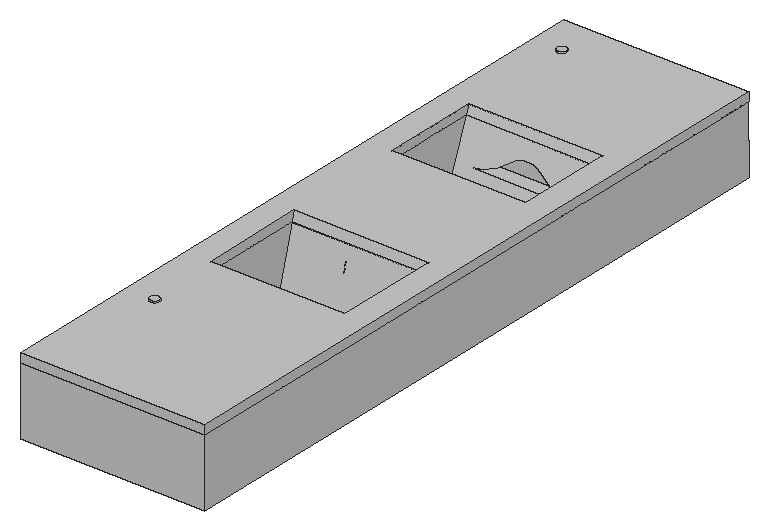
Revit family "rba-bim-B380339", category Plumbing Fixtures, Revit 2018
Family settings
  Round Connector Dimension = Use Diameter
  Part Type = Normal
  Work Plane-Based = No
  Always vertical = Yes
  Cut with Voids When Loaded = No
  Shared = Yes
  Room Calculation Point = No
Parameters (values of type "B380339")
  Watermarked By = "www.rba.com.au"
  Waste Connection = yes
  Vent Connection = yes
  URL = ""
  Phone Number = ""
  Modified Issue = "20200825.01"
  Model = "B380339"
  Materials and Finishes = Stainless Steel AISI 304, Satin Finish
  Manufacturer Model = ""
  Manufacturer = "Bobrick Washroom Equipment"
  HW Connection = yes
  Description = "Surface Mounted 3-in-1 Towel, Waste & Dryer"
  Copyright by = "RBA Group"  # constant formula
  CW Connection = yes
Reference planes
  plane 1 "Center (Front/Back)": y = 0
  plane 2: z = 0
  plane 3 "Center (Left/Right)": x = 0
Forms (mm)
  Extrusion 1, solid, material "Stainless Steel AISI 304, Satin Finish"
    sketch origin (0, 974.816, 3.756) x (1, 0, 0) y (0, 1, 0)
      loop
        line (-192.5, 440.184) -> (-192.5, -974.816) -> (192.5, -974.816) -> (192.5, 440.184) -> (-192.5, 440.184)
    from -3.756 to -145.256
  Extrusion 2, solid, material "Stainless Steel AISI 304, Satin Finish"
    sketch origin (0, 974.816, 3.756) x (1, 0, 0) y (0, 1, 0)
      loop
        line (-192.5, 440.184) -> (-192.5, -974.816) -> (192.5, -974.816) -> (192.5, 440.184) -> (-192.5, 440.184)
    from -3.756 to 14.744
  Extrusion 3, void
    sketch origin (0, 974.816, 3.756) x (0, 1, 0) y (0, 0, 1)
      loop
        line (-545.606, 14.744) -> (-545.606, 0) -> (-590.056, 0) -> (-590.056, -139.854) -> (-439.407, -139.854) -> (-490.207, -30.913) -> (-488.456, -30.913) -> (-437.656, -139.854) -> (-372.463, -139.854) -> (-327.251, 14.744) -> (-545.606, 14.744)
      loop
        line (-73.513, 14.744) -> (-73.513, -139.854) -> (97.937, -139.854) -> (97.937, -110.637) -> (79.469, -103.244) -> (126.697, 14.744) -> (-73.513, 14.744)
    from 139.7 to -139.7
  Extrusion 4, void
    sketch origin (110.104, 645.11, 1200.731) x (1, 0, 0) y (0, 0, 1)
      loop
        line (-131.025, -1230.907) -> (-131.025, -1232.653) -> (-89.183, -1232.653) -> (-89.183, -1230.907) -> (-131.025, -1230.907)
      loop
        line (-131.025, -1236.061) -> (-131.025, -1237.807) -> (-89.183, -1237.807) -> (-89.183, -1236.061) -> (-131.025, -1236.061)
      loop
        line (-131.025, -1241.68) -> (-131.025, -1243.426) -> (-89.183, -1243.426) -> (-89.183, -1241.68) -> (-131.025, -1241.68)
      loop
        line (-131.025, -1247.3) -> (-131.025, -1249.046) -> (-89.183, -1249.046) -> (-89.183, -1247.3) -> (-131.025, -1247.3)
    from 0 to 21.075
  Extrusion 5, void
    sketch origin (110.104, 1098.153, 1192.794) x (1, 0, 0) y (0, 0, 1)
      loop
        line (-224.404, -1266.363) -> (4.608, -1266.363)
        arc (4.608, -1266.363) -> (-40.568, -1256.113) -> (-81.084, -1233.656) r 164.225
        spline (-81.084, -1233.656) -> (-85.199, -1230.914) -> (-89.748, -1228.613) -> (-94.65, -1226.793) -> (-99.821, -1225.484) -> (-105.172, -1224.711) -> (-110.608, -1224.486) -> (-116.035, -1224.813) -> (-121.359, -1225.686) -> (-126.487, -1227.091) -> (-131.331, -1229.004) -> (-135.805, -1231.389) -> (-139.832, -1234.207)
        arc (-139.832, -1234.207) -> (-179.621, -1256.853) -> (-224.404, -1266.363) r 149.146
    from 0 to 84.022
  Extrusion 6, solid, material "Stainless Steel AISI 304, Satin Finish"
    sketch origin (0, 974.816, 4.212) x (1, 0, 0) y (0, 1, 0)
      loop
        circle (-131.832, 359.819) r 9.525
      loop
        circle (-131.832, -700.631) r 9.525
    from 14.288 to 15.875
Cuts and joins
  Extrusion 3, Extrusion 4, Extrusion 5 cuts Extrusion 1
  Extrusion 3 cuts Extrusion 2
Dimensions and locks
  aligned and locked: plane 2 to level
